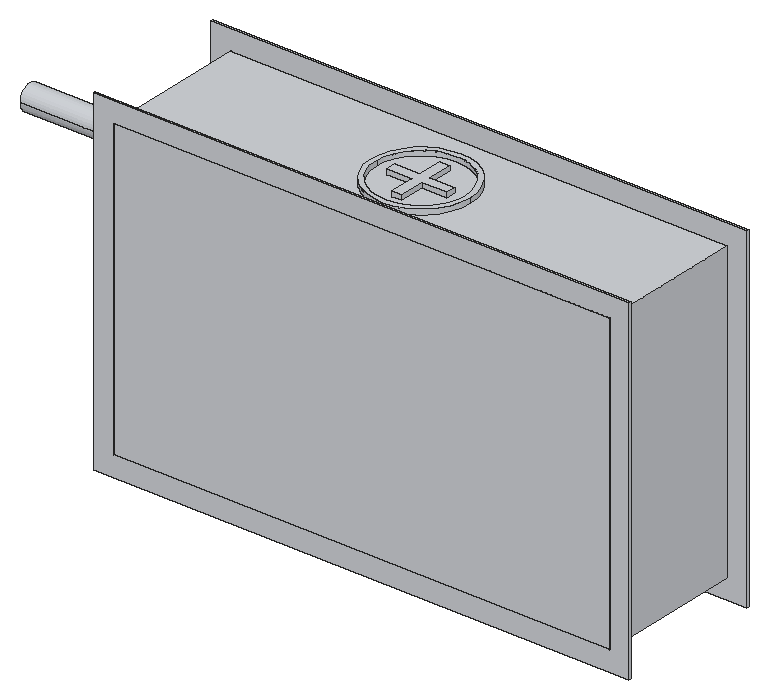
Revit family "Воздухонагреватель водяной DH", category Оборудование, Revit 2022
Family settings
  Размер круглого соединителя = Использовать диаметр
  Тип детали = Нормальный
  На основе рабочей плоскости = Нет
  Всегда вертикально = Нет
  При загрузке вырезать с полостями = Нет
  Сохранять ориентацию аннотаций = Нет
  Общий = Нет
  Точка принадлежности помещению = Нет
Parameters (values of type "DH 50-30/R3")
  Отметка по умолчанию = 0 mm
  Изготовитель = "WAER"  # constant formula
  Keynote = ""
  URL = "https://waer-air.com/"
  ADSK_Система_Имя [instance] = ""
  ADSK_Расход воздуха = 0.0 m³/h
  ADSK_Размер_Ширина = 500 mm
  ADSK_Размер_Длина = 150 mm  # constant formula
  ADSK_Размер_Диаметр = 25 mm  # constant formula
  ADSK_Размер_Высота = 300 mm
  ADSK_Потеря давления воздуха = 0.0 Pa
  ADSK_Наименование краткое = "DH 50-30/R3"
  ADSK_Наименование = "Воздухонагреватель водяной DH 50-30/R3"
  ADSK_Масса_Текст = "8.3"
  ADSK_Масса = 8.3
  ADSK_Марка = ""
  ADSK_Количество рядов = 3
  ADSK_Количество = 1  # constant formula
  ADSK_Код изделия = ""
  ADSK_Завод-изготовитель = "WAER"  # constant formula
  ADSK_Единица измерения = "шт."  # constant formula
Types (18, lengths in mm): name | ADSK_Размер_Ширина | ADSK_Размер_Высота | ADSK_Наименование краткое | ADSK_Наименование | ADSK_Масса_Текст | ADSK_Масса | ADSK_Количество рядов
  DH 40-20/R2 | 400 | 200 | "DH 40-20/R2" | "Воздухонагреватель водяной DH 40-20/R2" | "4.7" | 4.7 | 2
  DH 40-20/R3 | 400 | 200 | "DH 40-20/R3" | "Воздухонагреватель водяной DH 40-20/R3" | "5.1" | 5.1 | 3
  DH 50-25/R2 | 500 | 250 | "DH 50-25/R2" | "Воздухонагреватель водяной DH 50-25/R2" | "6.1" | 6.1 | 2
  DH 50-25/R3 | 500 | 250 | "DH 50-25/R3" | "Воздухонагреватель водяной DH 50-25/R3" | "6.9" | 6.9 | 3
  DH 50-30/R2 | 500 | 300 | "DH 50-30/R2" | "Воздухонагреватель водяной DH 50-30/R2" | "7.3" | 7.3 | 2
  DH 50-30/R3 | 500 | 300 | "DH 50-30/R3" | "Воздухонагреватель водяной DH 50-30/R3" | "8.3" | 8.3 | 3
  DH 60-30/R2 | 600 | 300 | "DH 60-30/R2" | "Воздухонагреватель водяной DH 60-30/R2" | "8.2" | 8.2 | 2
  DH 60-30/R3 | 600 | 300 | "DH 60-30/R3" | "Воздухонагреватель водяной DH 60-30/R3" | "9.3" | 9.3 | 3
  DH 60-35/R2 | 600 | 350 | "DH 60-35/R2" | "Воздухонагреватель водяной DH 60-35/R2" | "8.9" | 8.9 | 2
  DH 60-35/R3 | 600 | 350 | "DH 60-35/R3" | "Воздухонагреватель водяной DH 60-35/R3" | "10.3" | 10.3 | 3
  DH 70-40/R2 | 700 | 400 | "DH 70-40/R2" | "Воздухонагреватель водяной DH 70-40/R2" | "10.7" | 10.7 | 2
  DH 70-40/R3 | 700 | 400 | "DH 70-40/R3" | "Воздухонагреватель водяной DH 70-40/R3" | "23.4" | 23.4 | 3
  DH 80-50/R2 | 800 | 500 | "DH 80-50/R2" | "Воздухонагреватель водяной DH 80-50/R2" | "15.3" | 15.3 | 2
  DH 80-50/R3 | 800 | 500 | "DH 80-50/R3" | "Воздухонагреватель водяной DH 80-50/R3" | "17.8" | 17.8 | 3
  DH 90-50/R2 | 900 | 500 | "DH 90-50/R2" | "Воздухонагреватель водяной DH 90-50/R2" | "16.4" | 16.4 | 2
  DH 90-50/R3 | 900 | 500 | "DH 90-50/R3" | "Воздухонагреватель водяной DH 90-50/R3" | "19.2" | 19.2 | 3
  DH 100-50/R2 | 1000 | 500 | "DH 100-50/R2" | "Воздухонагреватель водяной DH 100-50/R2" | "20.8" | 20.8 | 2
  DH 100-50/R3 | 1000 | 500 | "DH 100-50/R3" | "Воздухонагреватель водяной DH 100-50/R3" | "22.3" | 22.3 | 3
Reference planes
  plane 1 "По центру (Вперед/Назад)": y = 0
  plane 2: z = 0
  plane 3 "По центру (Влево/Вправо)": x = 0
  plane 4: x = -250
  plane 5: x = 250
  plane 6: z = -150
  plane 7: z = 150
  plane 8: y = -75
  plane 9: y = 75
  plane 10: x = -350
Forms (mm)
  Extrusion 1, solid
    sketch origin (0, 0, 0) x (1, 0, 0) y (0, 0, 1)
      loop
        line (-250, 150) -> (-250, -150) -> (250, -150) -> (250, 150) -> (-250, 150)
    from -75 to 75
  Sweep 2, solid
    path in 3D
      loop
        line (-250, -75, 150) -> (-250, -75, -150) -> (250, -75, -150) -> (250, -75, 150) -> (-250, -75, 150)
    profile origin (0, -75, 150) x (0, -1, 0) y (0, 0, 1)
      loop
        line (0, 0) -> (0, 20) -> (-2, 20) -> (-2, 0) -> (0, 0)
  Sweep 3, solid
    path in 3D
      loop
        line (250, 75, 150) -> (250, 75, -150) -> (-250, 75, -150) -> (-250, 75, 150) -> (250, 75, 150)
    profile origin (0, 75, 150) x (0, 1, 0) y (0, 0, 1)
      loop
        line (0, 0) -> (0, 20) -> (-2, 20) -> (-2, 0) -> (0, 0)
  Extrusion 4, solid
    sketch origin (0, 0, 0) x (0, 1, 0) y (0, 0, 1)
      loop
        circle (-55, 130) r 12.5
      loop
        circle (42.5, -130) r 12.5
    from -350 to -250
Lines and regions (mm)
  sketch lines
    curve 1: line (250, -75, 150) -> (-250, -75, 150)
    curve 2: line (-250, -75, 150) -> (-250, -75, -150)
    curve 3: line (-250, -75, -150) -> (250, -75, -150)
    curve 4: line (250, -75, -150) -> (250, -75, 150)
    curve 5: line (-250, 75, 150) -> (250, 75, 150)
    curve 6: line (250, 75, 150) -> (250, 75, -150)
    curve 7: line (250, 75, -150) -> (-250, 75, -150)
    curve 8: line (-250, 75, -150) -> (-250, 75, 150)
Dimensions and locks
  equal spacing: plane 5, plane 3 "По центру (Влево/Вправо)", plane 4
  "ADSK_Размер_Ширина": plane 5 to plane 4
  equal spacing: plane 7, plane 2, plane 6
  "ADSK_Размер_Высота": plane 7 to plane 6
  equal spacing: plane 9, plane 1 "По центру (Вперед/Назад)", plane 8
  "ADSK_Размер_Длина": plane 9 to plane 8
  locked: plane 10 to plane 4 at 100
  Extrusion 4 sketch curve to plane 8 = 20 mm
  plane 7 to Extrusion 4 sketch curve = 20 mm
  Extrusion 4 sketch curve to plane 6 = 20 mm
  plane 9 to Extrusion 4 sketch curve = 20 mm
  locked: Extrusion 1 to nested 1
  locked: nested 2 to Extrusion 1
  "ADSK_Размер_Диаметр": diameter of Extrusion 4 sketch curve  (x2)
  aligned and locked: level to plane 2
  aligned and locked: Extrusion 1 sketch curve to plane 7
  aligned and locked: plane 4 to Extrusion 1 sketch curve
  aligned and locked: plane 6 to Extrusion 1 sketch curve
  aligned and locked: Extrusion 1 sketch curve to plane 5
  aligned and locked: plane 9 to Extrusion 1
  aligned and locked: Extrusion 1 to plane 8
  aligned and locked: Extrusion 4 to plane 10
  aligned and locked: plane 4 to Extrusion 4
Automatic sketch dimensions
  Sweep 2 sketch curve to profile plane = 0 mm  (x2)
  profile plane to Sweep 2 sketch curve = 2 mm
  profile plane to Sweep 2 sketch curve = 20 mm
  Sweep 3 sketch curve to profile plane = 0 mm  (x2)
  profile plane to Sweep 3 sketch curve = 2 mm
  profile plane to Sweep 3 sketch curve = 20 mm
Nested families
  nested 1: "Нагреватель водяной" at (0, 0, 150), type "Нагреватель водяной"
  nested 2: "Нагреватель водяной" at (0, 0, -155), type "Нагреватель водяной"
Connectors
  hvac at (0, -75, 0), driven by "ADSK_Размер_Высота", driven by "ADSK_Размер_Ширина"
    settings: on Extrusion 1, index 1, duct flow 0.0 m³/h, flow factor 0, pres drop 0.0 Pa, loss coef 0, conn angle 0.00°, conn width 500 mm, conn height 300 mm, conn diameter 609.6 mm, duct sys type 29, conn prof type 1, flow config 2, flow direction 0, loss method 0, conn ref index 2, conn util no, is conn primary yes, conn desc ""
  hvac at (0, 75, 0), driven by "ADSK_Размер_Высота", driven by "ADSK_Размер_Ширина"
    settings: on Extrusion 1, index 2, duct flow 0.0 m³/h, flow factor 0, pres drop 0.0 Pa, loss coef 0, conn angle 0.00°, conn width 500 mm, conn height 300 mm, conn diameter 609.6 mm, duct sys type 29, conn prof type 1, flow config 2, flow direction 0, loss method 0, conn ref index 1, conn util no, is conn primary no, conn desc ""
  piping at (-350, -55, 130), diameter 25, driven by "ADSK_Размер_Диаметр"
    settings: on Extrusion 4, index 3, connector inside diameter 609.6 mm, connector length 0 mm, flow factor 0, pipe flow 0.0 L/s, pressure drop 0.0 Pa, fitting loss kfactor 0, connector angle 0.00°, fixture units 0, engagement length 0 mm, angle of deflection 0.00°, flow configuration 0, flow direction 0, fitting loss method 0, system type 29, joint type 0, gender type 0, connector reference index -1, connector utility 0, adjustable connector no, is connector primary yes, connector description ""
  piping at (-350, 42.5, -130), diameter 25, driven by "ADSK_Размер_Диаметр"
    settings: on Extrusion 4, index 4, connector inside diameter 609.6 mm, connector length 0 mm, flow factor 0, pipe flow 0.0 L/s, pressure drop 0.0 Pa, fitting loss kfactor 0, connector angle 0.00°, fixture units 0, engagement length 0 mm, angle of deflection 0.00°, flow configuration 0, flow direction 0, fitting loss method 0, system type 29, joint type 0, gender type 0, connector reference index -1, connector utility 0, adjustable connector no, is connector primary no, connector description ""
Definition of nested family "Нагреватель водяной"
  Parameters
    Default Elevation = 0 mm
  Reference planes
    plane 1 "По центру (Вперед/Назад)": y = 0
    plane 2: z = 0
    plane 3 "По центру (Влево/Вправо)": x = 0
  Forms (mm)
    Extrusion 1, solid
      sketch origin (0, 0, 0) x (1, 0, 0) y (0, 1, 0)
        loop
          circle (0, 0) r 50
        loop
          circle (0, 0) r 45
        loop
          line (5, 5) -> (5, 30) -> (-5, 30) -> (-5, 5) -> (-30, 5) -> (-30, -5) -> (-5, -5) -> (-5, -30) -> (5, -30) -> (5, -5) -> (30, -5) -> (30, 5) -> (5, 5)
      from 0 to 5
  Dimensions and locks
    aligned and locked: level to plane 2
